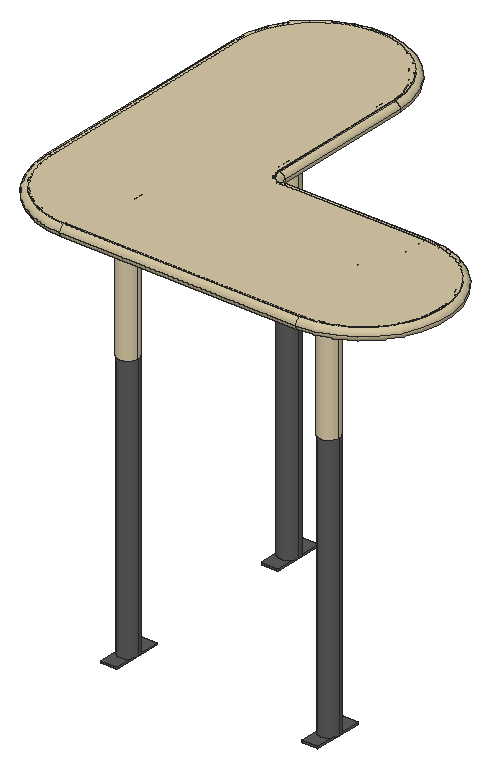
Revit family "1403-F", category Meble, Revit 2021
Family settings
  Numer OmniClass = 23.40.20.00
  Tytuł OmniClass = General Furniture and Specialties
  Oparty na płaszczyźnie roboczej = Nie
  Zawsze pionowo = Tak
  Tnij formami wycięć po wczytaniu = Nie
  Współdzielony = Nie
  Punkt obliczania pomieszczeń = Nie
Parameters (values of type "1403-F")
  metal = Mobilis Design RAL 1000
  Width = "120 cm"
  Weight = "45 kg"
  URL = ""
  Product Line = "Phoenix"
  Product Groups = ""
  Manufacturer = ""
  Keynote = ""
  Description = ""
  Model = "1403-F"
  Material = ""
  Maintenance = ""
  Lenght = "120 cm"
  Type Comments = ""
  Mobilis Design Materials = ""
  Hosted on = ""
  Height = "45 cm"
  Domyślna rzędna = 0 mm
  Copyright = "All designs and drawings are the common intellectual property of Lars Laj A/S and Tress and are protected by Danish and international copyright laws."
Reference planes
  plane 1: z = 0
  plane 2 "Środek (Lewa/Prawa)": x = 0
  plane 3 "Środek": y = 257.204
Forms (mm)
  Extrusion 1, solid, material "Mobilis Design RAL 1000" <- "metal", not visible
    sketch origin (0, 0, 0) x (0, 1, 0) y (0, 0, 1)
      loop
        arc (71.187, 451.5) -> (57.045, 445.642) -> (51.187, 431.5) r 20
        line (51.187, 431.5) -> (51.187, 18.231)
        arc (51.187, 18.231) -> (56.527, 5.34) -> (69.418, 0) r 18.231
        line (69.418, 0) -> (153.638, 0) -> (153.638, 15) -> (448.638, 15) -> (448.638, 0) -> (527.023, 0)
        arc (527.023, 0) -> (542.307, 6.331) -> (548.638, 21.615) r 21.615
        line (548.638, 21.615) -> (548.638, 429.407)
        arc (548.638, 429.407) -> (542.168, 445.029) -> (526.545, 451.5) r 22.093
        line (526.545, 451.5) -> (71.187, 451.5)
    from 750.378 to 745
  Extrusion 2, solid, material "Mobilis Design RAL 1000" <- "metal", not visible
    sketch origin (0, 0, 0) x (0, 1, 0) y (0, 0, 1)
      loop
        line (548.638, 396.844) -> (629.375, 854.725) -> (601.836, 859.581)
        arc (601.836, 859.581) -> (585.224, 855.898) -> (576.082, 841.547) r 22.232
        line (576.082, 841.547) -> (507.306, 451.5) -> (526.545, 451.5)
        arc (526.545, 451.5) -> (542.168, 445.029) -> (548.638, 429.407) r 22.093
        line (548.638, 429.407) -> (548.638, 396.844)
    from 745 to 750.378
  Extrusion 3, solid, material "Mobilis Design RAL 1000" <- "metal"
    sketch origin (89.732, -18.452, 0) x (0, -1, 0) y (1, 0, 0)
      loop
        circle (-275.327, -399.004) r 30.15
      loop
        circle (-275.327, -399.004) r 28.15
    from 444.1 to 0
  Extrusion 4, solid, material "Painted Black"
    sketch origin (389.004, -21.874, 0) x (1, 0, 0) y (0, 1, 0)
      loop
        line (-722.97, 354.396) -> (-722.97, 210.396)
        arc (-722.97, 210.396) -> (-722.091, 208.274) -> (-719.97, 207.396) r 3
        line (-719.97, 207.396) -> (-675.97, 207.396)
        arc (-675.97, 207.396) -> (-673.849, 208.274) -> (-672.97, 210.396) r 3
        line (-672.97, 210.396) -> (-672.97, 354.396)
        arc (-672.97, 354.396) -> (-673.849, 356.517) -> (-675.97, 357.396) r 3
        line (-675.97, 357.396) -> (-719.97, 357.396)
        arc (-719.97, 357.396) -> (-722.091, 356.517) -> (-722.97, 354.396) r 3
    from -800 to -795
  Extrusion 5, solid, material "Mobilis Design RAL 1000" <- "metal"
    sketch origin (-310.106, -20.486, 0) x (0, 1, 0) y (0, 0, 1)
      loop
        line (608.966, 447.188) -> (558.966, 447.188) -> (558.966, 417.188) -> (608.966, 417.188) -> (608.966, 447.188)
      loop
        line (606.966, 445.188) -> (560.966, 445.188) -> (560.966, 419.188) -> (606.966, 419.188) -> (606.966, 445.188)
    from -216.276 to 216.276
  Extrusion 6, solid, material "Mobilis Design RAL 1000" <- "metal"
    sketch origin (439.004, -15.597, 0) x (1, 0, 0) y (0, 1, 0)
      loop
        line (-699.004, 325.327) -> (-799.004, 325.327) -> (-799.004, 225.327) -> (-699.004, 225.327) -> (-699.004, 325.327)
    from 447.05 to 443.488
  Extrusion 7, solid, material "Painted Black"
    sketch origin (89.732, -17.202, 0) x (1, 0, 0) y (0, 1, 0)
      loop
        circle (-399.004, 275.327) r 30.15
      loop
        circle (-399.004, 275.327) r 28.15
    from 0 to -795
  Extrusion 8, solid, material "Mobilis Design RAL 1000" <- "metal"
    sketch origin (0, 0, 0) x (1, 0, 0) y (0, 1, 0)
      loop
        line (391.034, 490.354) -> (-39.938, 490.354)
        arc (-39.938, 490.354) -> (-66.218, 502.534) -> (-76.933, 529.444) r 39.15
        line (-76.933, 529.444) -> (-76.933, 958.082)
        arc (-76.933, 958.082) -> (-310.083, 1191.232) -> (-543.233, 958.082) r 233.15
        line (-543.233, 958.082) -> (-543.233, 257.144)
        arc (-543.233, 257.144) -> (-476.795, 94.153) -> (-315.344, 24.054) r 233.15
        line (-315.344, 24.054) -> (391.034, 24.054)
        arc (391.034, 24.054) -> (624.184, 257.204) -> (391.034, 490.354) r 233.15
    from 447.188 to 450
  Sweep 9, solid, material "Mobilis Design RAL 1000" <- "metal"
    path origin (-300, 0, 450) x (1, 0, 0) y (0, 1, 0)
      loop
        line (691.034, 490.354) -> (260.062, 490.354)
        arc (260.062, 490.354) -> (233.782, 502.534) -> (223.067, 529.444) r 39.15
        line (223.067, 529.444) -> (223.067, 958.082)
        arc (223.067, 958.082) -> (-10.601, 1191.75) -> (-244.269, 958.082) r 233.668
        line (-244.269, 958.082) -> (-244.269, 256.817)
        arc (-244.269, 256.817) -> (-176.221, 92.537) -> (-11.941, 24.49) r 232.327
        line (-11.941, 24.49) -> (691.034, 24.49)
        arc (691.034, 24.49) -> (923.966, 257.422) -> (691.034, 490.354) r 232.932
    profile origin (175.548, 490.354, 450) x (0, -1, 0) y (0, 0, 1)
      loop
        circle (0, -16.8) r 16.85
      loop
        circle (0, -16.8) r 14.85
  Extrusion 10, solid, material "Mobilis Design RAL 1000" <- "metal"
    sketch origin (577.5, 257.204, 0) x (-1, 0, 0) y (0, 0, 1)
      loop
        line (608.966, 447.188) -> (558.966, 447.188) -> (558.966, 417.188) -> (608.966, 417.188) -> (608.966, 447.188)
      loop
        line (606.966, 445.188) -> (560.966, 445.188) -> (560.966, 419.188) -> (606.966, 419.188) -> (606.966, 445.188)
    from -216.276 to 216.276
  Extrusion 11, solid, material "Mobilis Design RAL 1000" <- "metal"
    sketch origin (947.5, 257.204, 0) x (-1, 0, 0) y (0, 0, 1)
      loop
        line (608.966, 447.188) -> (558.966, 447.188) -> (558.966, 417.188) -> (608.966, 417.188) -> (608.966, 447.188)
      loop
        line (606.966, 445.188) -> (560.966, 445.188) -> (560.966, 419.188) -> (606.966, 419.188) -> (606.966, 445.188)
    from -216.276 to 216.276
  Extrusion 12, solid, material "Kobenhagen RAL 5012", not visible
    sketch origin (-110.268, -19.702, 0) x (0, -1, 0) y (1, 0, 0)
      loop
        circle (-275.327, -399.004) r 30.15
      loop
        circle (-275.327, -399.004) r 28.15
    from 444.1 to 0
  Extrusion 13, solid, material "Kobenhagen RAL 5012", not visible
    sketch origin (239.004, -16.847, 0) x (1, 0, 0) y (0, 1, 0)
      loop
        line (-699.004, 325.327) -> (-799.004, 325.327) -> (-799.004, 225.327) -> (-699.004, 225.327) -> (-699.004, 325.327)
    from 447.05 to 443.488
  Extrusion 14, solid, material "Mobilis Design RAL 1000" <- "metal"
    sketch origin (689.664, -19.702, 0) x (0, -1, 0) y (1, 0, 0)
      loop
        circle (-275.327, -399.004) r 30.15
      loop
        circle (-275.327, -399.004) r 28.15
    from 444.1 to 0
  Extrusion 15, solid, material "Mobilis Design RAL 1000" <- "metal"
    sketch origin (1038.936, -16.847, 0) x (1, 0, 0) y (0, 1, 0)
      loop
        line (-699.004, 325.327) -> (-799.004, 325.327) -> (-799.004, 225.327) -> (-699.004, 225.327) -> (-699.004, 325.327)
    from 447.05 to 443.488
  Extrusion 16, solid, material "Painted Black", not visible
    sketch origin (189.004, -23.124, 0) x (1, 0, 0) y (0, 1, 0)
      loop
        line (-722.97, 354.396) -> (-722.97, 210.396)
        arc (-722.97, 210.396) -> (-722.091, 208.274) -> (-719.97, 207.396) r 3
        line (-719.97, 207.396) -> (-675.97, 207.396)
        arc (-675.97, 207.396) -> (-673.849, 208.274) -> (-672.97, 210.396) r 3
        line (-672.97, 210.396) -> (-672.97, 354.396)
        arc (-672.97, 354.396) -> (-673.849, 356.517) -> (-675.97, 357.396) r 3
        line (-675.97, 357.396) -> (-719.97, 357.396)
        arc (-719.97, 357.396) -> (-722.091, 356.517) -> (-722.97, 354.396) r 3
    from -800 to -795
  Extrusion 17, solid, material "Painted Black", not visible
    sketch origin (-110.268, -18.452, 0) x (1, 0, 0) y (0, 1, 0)
      loop
        circle (-399.004, 275.327) r 30.15
      loop
        circle (-399.004, 275.327) r 28.15
    from 0 to -795
  Extrusion 18, solid, material "Painted Black"
    sketch origin (988.936, -23.124, 0) x (1, 0, 0) y (0, 1, 0)
      loop
        line (-722.97, 354.396) -> (-722.97, 210.396)
        arc (-722.97, 210.396) -> (-722.091, 208.274) -> (-719.97, 207.396) r 3
        line (-719.97, 207.396) -> (-675.97, 207.396)
        arc (-675.97, 207.396) -> (-673.849, 208.274) -> (-672.97, 210.396) r 3
        line (-672.97, 210.396) -> (-672.97, 354.396)
        arc (-672.97, 354.396) -> (-673.849, 356.517) -> (-675.97, 357.396) r 3
        line (-675.97, 357.396) -> (-719.97, 357.396)
        arc (-719.97, 357.396) -> (-722.091, 356.517) -> (-722.97, 354.396) r 3
    from -800 to -795
  Extrusion 19, solid, material "Painted Black"
    sketch origin (689.664, -18.452, 0) x (1, 0, 0) y (0, 1, 0)
      loop
        circle (-399.004, 275.327) r 30.15
      loop
        circle (-399.004, 275.327) r 28.15
    from 0 to -795
  Extrusion 20, solid, material "Mobilis Design RAL 1000" <- "metal"
    sketch origin (89.732, 580.298, 0) x (0, -1, 0) y (1, 0, 0)
      loop
        circle (-275.327, -399.004) r 30.15
      loop
        circle (-275.327, -399.004) r 28.15
    from 444.1 to 0
  Extrusion 21, solid, material "Painted Black"
    sketch origin (389.004, 576.876, 0) x (1, 0, 0) y (0, 1, 0)
      loop
        line (-722.97, 354.396) -> (-722.97, 210.396)
        arc (-722.97, 210.396) -> (-722.091, 208.274) -> (-719.97, 207.396) r 3
        line (-719.97, 207.396) -> (-675.97, 207.396)
        arc (-675.97, 207.396) -> (-673.849, 208.274) -> (-672.97, 210.396) r 3
        line (-672.97, 210.396) -> (-672.97, 354.396)
        arc (-672.97, 354.396) -> (-673.849, 356.517) -> (-675.97, 357.396) r 3
        line (-675.97, 357.396) -> (-719.97, 357.396)
        arc (-719.97, 357.396) -> (-722.091, 356.517) -> (-722.97, 354.396) r 3
    from -800 to -795
  Extrusion 22, solid, material "Mobilis Design RAL 1000" <- "metal"
    sketch origin (439.004, 583.153, 0) x (1, 0, 0) y (0, 1, 0)
      loop
        line (-699.004, 325.327) -> (-799.004, 325.327) -> (-799.004, 225.327) -> (-699.004, 225.327) -> (-699.004, 325.327)
    from 447.05 to 443.488
  Extrusion 23, solid, material "Painted Black"
    sketch origin (89.732, 581.548, 0) x (1, 0, 0) y (0, 1, 0)
      loop
        circle (-399.004, 275.327) r 30.15
      loop
        circle (-399.004, 275.327) r 28.15
    from 0 to -795
  Extrusion 24, solid, material "Mobilis Design RAL 1000" <- "metal"
    sketch origin (-310.106, 349.116, 0) x (0, 1, 0) y (0, 0, 1)
      loop
        line (608.966, 447.188) -> (558.966, 447.188) -> (558.966, 417.188) -> (608.966, 417.188) -> (608.966, 447.188)
      loop
        line (606.966, 445.188) -> (560.966, 445.188) -> (560.966, 419.188) -> (606.966, 419.188) -> (606.966, 445.188)
    from -216.276 to 216.276
Dimensions and locks
  aligned and locked: level to plane 1
